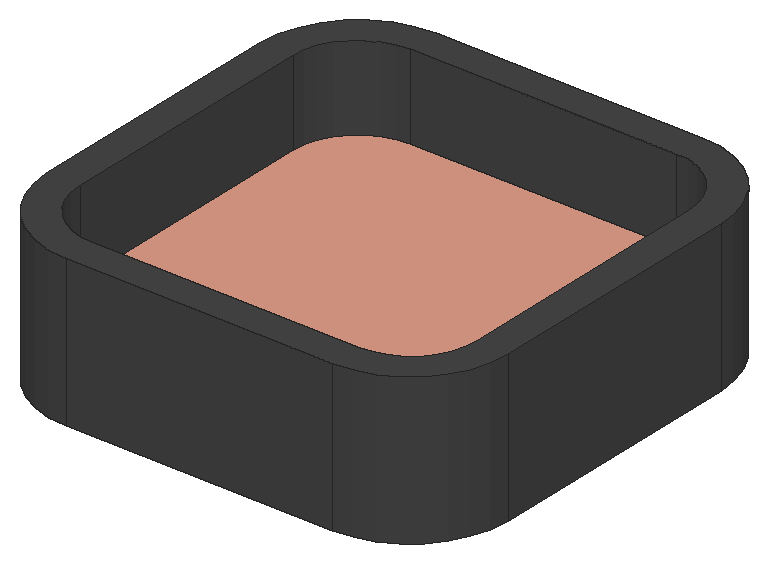
Revit family "VISS SQUARE LED LIGHT", category Lighting Fixtures, host Face, Revit 2020 (continued)
Types (65): name | Wattage Comments | Wattage | built-in parameter 1150134 | Surface Mount | Surface Acoustic Body | Photometric Web File | Order number | built-in parameter 1150142 | Model | built-in parameter 1150105 | Lumens | built-in parameter 1150107 | built-in parameter 1150106 | H1 | Fixture Width | Finish/Color | B2 | B1 | Apparent Load | Aircraft Cable Pendant Mount | Acoustic Body
  VSI-S-3624-40901-ACPMK-BK | "36 W" | 16.9649 W | 12 | no | no | "VSI-S-3624-40901.IES" | "17500" | "IESNA:LM-63-2002\r\n[TEST] \r\n[DATE] 2019-08-21\r\n[MANUFAC] Aboveall lighting\r\n[LUMCAT] \r\n[LUMINAIRE] VSI-S-3624-40901\r\n[LAMPCAT] \r\n[LAMP] SAMSUNG 2835 4000K\r\nTILT=NONE\r\n1 3104.55 1.0 91 13 1 2 0.6 0.6 0.088 \r\n1 1 35.03\r\n0. 1. 2. 3. 4. 5. 6. 7. 8. 9. 10. 11. 12. 13. 14. 15. 16. 17. 18. 19. 20. 21. 22. 23. 24. 25. 26. 27. 28. 29. 30. 31. 32. 33. 34. 35. 36. 37. 38. 39. 40. 41. 42. 43. 44. 45. 46. 47. 48. 49. 50. 51. 52. 53. 54. 55. 56. 57. 58. 59. 60. 61. 62. 63. 64. 65. 66. 67. 68. 69. 70. 71. 72. 73. 74. 75. 76. 77. 78. 79. 80. 81. 82. 83. 84. 85. 86. 87. 88. 89. 90. \r\n0. 30. 60. 90. 120. 150. 180. 210. 240. 270. 300. 330. 360. \r\n856.032 858.511 858.865 858.865 858.511 857.803 857.448 856.032 854.97 853.554 852.138 851.076 848.598 846.12 842.933 841.163 839.393 835.853 833.729 829.835 825.232 822.754 817.444 812.133 808.947 803.283 800.096 793.016 786.29 782.749 776.023 768.942 765.402 757.259 749.117 744.869 736.372 727.521 722.919 713.714 709.112 699.553 689.995 680.082 675.48 669.815 659.549 654.238 643.617 634.059 628.04 617.42 612.109 595.824 590.514 585.203 574.228 568.918 557.589 546.615 540.95 530.329 519.001 513.336 501.299 489.617 483.244 470.499 449.612 449.612 433.681 416.333 406.775 387.303 376.329 351.193 333.81 293.062 248.384 225.762 181.367 158.745 75.691 70.911 52.148 21.454 11.4 1.912 2.018 2.195 2.372 \r\n856.032 854.262 854.616 854.97 854.97 854.616 854.262 853.554 852.492 851.784 850.014 848.598 847.536 845.058 842.579 841.517 838.331 835.499 833.375 829.481 825.586 823.108 818.506 816.382 811.425 808.593 802.929 797.264 794.078 787.706 784.873 776.023 775.315 764.694 760.8 756.905 749.117 745.223 736.372 728.229 723.627 714.776 705.926 701.677 692.473 682.914 677.958 668.399 658.486 653.176 643.263 632.643 627.686 617.066 611.755 601.134 589.452 584.141 572.812 567.148 555.819 549.801 538.118 526.081 519.709 507.318 500.591 487.138 472.977 465.189 440.761 440.761 422.706 402.172 390.844 365.0 337.917 322.835 287.752 245.977 224.133 180.199 136.512 76.363 73.92 39.863 27.295 10.125 0.46 0.425 0.425 \r\n856.032 854.616 854.616 854.616 854.262 853.908 853.2 852.846 852.138 851.43 850.014 848.244 847.182 845.058 843.642 840.809 839.039 835.853 832.313 830.189 826.648 824.17 819.922 817.444 812.487 807.177 804.345 798.68 792.308 789.122 782.749 775.669 772.482 765.048 757.613 753.719 746.285 737.788 733.54 724.689 715.838 711.59 702.386 698.137 688.933 684.33 674.772 665.213 659.903 649.99 644.68 639.369 623.438 618.482 607.861 602.551 591.576 579.539 573.875 562.9 557.235 545.552 533.516 527.851 515.814 503.778 497.405 484.306 470.853 465.897 449.612 433.681 433.681 405.713 395.092 372.08 346.732 331.332 301.027 282.972 243.498 201.511 180.517 140.088 121.147 102.03 47.723 47.723 3.257 0.602 0.46 \r\n856.032 854.97 854.616 853.554 852.846 852.138 851.076 849.306 847.536 846.474 844.35 842.933 839.747 836.207 834.791 830.897 828.772 824.878 820.276 817.798 812.487 806.823 803.991 798.326 791.6 784.873 776.023 774.961 771.42 763.986 756.197 751.949 743.806 739.558 730.353 725.751 716.901 707.342 702.74 693.181 688.225 678.312 668.399 663.089 653.176 647.866 631.935 626.27 620.96 609.631 604.321 592.284 580.955 575.645 564.316 552.633 535.994 535.994 524.665 519.001 508.026 496.697 491.033 479.704 473.685 462.003 449.966 443.593 430.14 415.625 406.775 389.782 380.577 361.46 351.193 325.42 269.413 269.413 227.532 206.609 166.25 146.637 77.0 72.717 56.184 14.019 5.381 0.46 0.425 0.425 0.46 \r\n856.032 856.386 856.032 854.97 854.262 853.554 852.492 850.368 850.014 847.89 846.474 844.35 841.517 840.455 837.269 833.375 831.605 827.356 823.108 821.338 816.382 811.425 808.593 803.283 797.618 794.432 791.246 784.165 777.793 770.712 766.818 759.738 751.595 748.409 744.161 736.018 727.167 722.919 718.671 705.218 700.615 691.411 686.454 676.896 666.275 661.673 651.76 646.804 636.183 630.518 620.606 609.985 598.656 593.7 582.371 571.396 565.732 554.403 542.366 537.056 525.019 512.982 506.964 493.865 487.492 475.102 468.375 465.897 442.885 435.805 420.582 412.439 395.446 375.975 365.708 343.05 330.978 304.638 290.194 256.172 217.478 197.086 155.028 117.182 99.729 64.999 46.625 46.625 0.814 0.566 0.46 \r\n856.032 856.032 854.97 853.908 853.2 851.43 849.306 848.244 846.12 842.933 841.871 838.331 837.269 833.375 829.481 827.002 822.754 820.63 815.674 811.071 808.593 802.929 800.096 794.078 787.706 784.165 776.023 774.961 767.526 764.34 756.197 748.409 744.515 732.124 727.875 723.627 714.776 705.926 701.323 691.765 682.56 677.604 668.045 658.132 653.176 643.263 632.643 626.978 616.357 610.693 600.072 589.098 583.433 572.812 567.148 555.819 550.155 538.826 533.162 521.479 509.796 503.778 491.741 485.368 472.977 459.878 452.09 438.283 423.414 407.837 399.694 381.639 361.814 351.228 328.11 315.507 287.645 253.34 234.223 194.678 175.065 136.547 117.926 76.257 46.448 30.977 7.753 0.46 0.425 0.425 0.46 \r\n856.032 858.157 857.448 856.74 856.032 854.616 853.908 852.846 850.722 849.66 846.828 845.766 842.933 839.747 837.977 834.437 832.667 828.772 824.524 822.046 817.09 814.611 808.947 803.283 800.45 794.078 790.892 784.165 780.625 773.545 766.11 761.862 753.719 749.471 741.328 732.832 728.229 719.379 709.82 700.615 695.305 686.1 676.188 671.231 660.965 655.654 645.033 634.413 629.102 617.774 612.109 601.134 590.16 584.495 573.166 567.856 556.881 550.863 539.888 528.205 522.895 511.566 505.548 493.865 482.536 476.872 466.251 454.568 448.55 436.513 423.768 417.041 403.234 387.657 379.515 362.168 362.168 333.775 322.694 307.081 252.243 212.203 192.059 153.116 135.061 116.439 58.343 47.864 9.205 0.566 0.46 \r\n856.032 853.2 852.846 851.784 850.368 850.014 848.244 847.182 845.058 842.933 841.871 839.393 837.623 834.437 830.897 829.126 825.586 823.108 821.338 814.257 811.425 806.469 801.158 798.326 792.662 789.476 783.103 776.731 770.004 766.464 759.03 755.489 747.701 740.266 736.018 727.875 723.273 715.13 705.572 700.969 692.473 687.871 678.312 668.753 663.797 653.884 648.928 638.661 633.705 623.792 613.171 607.861 596.886 586.265 581.309 570.334 558.297 552.633 541.304 529.267 523.603 511.92 499.883 493.511 480.766 475.102 465.897 449.966 442.531 428.016 420.228 403.588 385.533 375.975 354.025 342.979 319.189 306.125 277.237 241.339 222.115 182.394 162.639 124.758 89.25 71.867 47.581 14.657 2.124 2.053 2.053 \r\n856.032 853.554 852.846 852.138 851.43 850.014 849.306 847.182 845.412 843.996 841.871 839.747 837.269 834.437 832.313 828.772 827.002 822.4 820.276 815.674 811.071 808.239 802.929 800.096 794.432 788.06 784.873 776.377 776.023 768.942 761.862 757.967 750.179 742.744 734.602 730.353 721.149 716.901 708.404 698.845 694.243 684.684 674.772 669.815 659.549 654.592 644.325 639.015 628.394 617.774 612.109 601.134 595.824 584.849 572.812 567.502 556.527 551.217 534.224 534.224 522.895 511.566 505.548 493.511 480.766 474.393 460.941 446.426 438.637 422.706 404.651 394.738 372.434 350.06 337.315 310.586 296.213 263.607 224.947 204.839 165.046 145.681 76.611 72.611 56.184 29.242 18.338 2.691 1.77 1.912 2.053 \r\n856.032 855.324 855.324 855.324 854.97 854.616 853.554 853.554 852.138 850.722 849.66 847.89 846.12 844.704 842.579 839.747 837.623 834.083 830.543 828.418 824.17 821.692 816.736 813.903 808.593 802.929 800.096 793.37 790.184 783.811 776.731 773.545 765.756 761.508 753.719 745.577 741.328 732.478 727.875 719.025 709.112 704.51 694.597 683.622 678.666 668.399 657.424 652.468 641.493 630.872 625.208 614.233 608.569 597.948 586.619 581.309 571.042 565.378 554.403 543.782 537.41 531.746 521.125 509.796 498.821 493.511 482.182 476.164 465.897 465.897 446.426 432.264 424.476 408.191 390.49 380.931 359.689 333.067 316.392 277.449 232.807 211.636 170.463 131.202 112.226 76.611 76.611 48.324 9.346 1.912 2.018 \r\n856.032 856.386 856.74 856.74 856.74 856.032 855.324 854.97 853.908 852.492 851.784 849.66 847.536 846.12 843.642 840.455 839.039 835.853 831.959 829.835 825.586 820.984 818.86 813.549 810.717 805.407 802.575 796.556 790.538 787.352 776.023 773.899 770.358 763.278 759.738 751.595 747.347 739.558 735.31 726.813 717.609 713.36 704.156 694.243 689.641 679.728 669.815 664.505 653.884 643.617 637.599 626.624 615.649 610.339 599.01 588.035 582.725 571.75 566.086 554.757 549.093 537.764 525.727 519.709 506.964 500.591 487.138 480.058 464.481 448.196 439.345 420.582 410.315 388.719 364.646 337.775 323.402 292.283 253.765 233.019 190.713 169.755 129.679 75.62 73.389 42.341 19.082 11.541 1.841 1.947 2.018 \r\n856.032 857.095 857.448 857.803 858.157 857.803 857.803 857.448 857.095 856.032 856.032 853.554 851.784 851.784 848.952 847.89 845.058 842.225 840.809 837.269 835.499 831.605 829.835 825.232 820.63 818.152 812.841 807.531 804.345 798.68 792.308 789.122 782.395 775.315 771.774 764.694 756.905 753.011 744.869 740.974 732.478 723.981 719.733 710.882 706.28 696.721 687.162 682.206 672.647 667.691 662.735 652.468 642.201 636.891 626.624 616.357 610.693 600.072 588.39 583.079 571.396 559.714 553.695 542.012 528.913 523.603 509.796 496.343 489.617 475.102 466.251 466.251 434.035 424.476 403.942 380.931 368.54 341.988 327.438 294.195 274.688 232.24 188.695 167.064 124.511 101.57 64.645 47.793 7.328 2.053 2.372 \r\n856.032 858.511 858.865 858.865 858.511 857.803 857.448 856.032 854.97 853.554 852.138 851.076 848.598 846.12 842.933 841.163 839.393 835.853 833.729 829.835 825.232 822.754 817.444 812.133 808.947 803.283 800.096 793.016 786.29 782.749 776.023 768.942 765.402 757.259 749.117 744.869 736.372 727.521 722.919 713.714 709.112 699.553 689.995 680.082 675.48 669.815 659.549 654.238 643.617 634.059 628.04 617.42 612.109 595.824 590.514 585.203 574.228 568.918 557.589 546.615 540.95 530.329 519.001 513.336 501.299 489.617 483.244 470.499 449.612 449.612 433.681 416.333 406.775 387.303 376.329 351.193 333.81 293.062 248.384 225.762 181.367 158.745 75.691 70.911 52.148 21.454 11.4 1.912 2.018 2.195 2.372 \r\n" | "VSI-S-3624-40901-ACPMK-BK" | 200.54 (stored number, unit not read) | 2520 lm | 4000 (stored number, unit not read) | 2.0054 (stored number, unit not read) | 4' - 11.51346" | 1' - 11 77/128" | Black | 0' - 7 205/256" | 0' - 11 77/256" | 31.25 VA | yes | no
  VSI-S-5032-40901-ACPMK-BK | "50 W" | 23.5624 W | 12 | no | no | "VSI-S-5032-40901.IES" | "17501" | "IESNA:LM-63-2002\r\n[TEST] \r\n[DATE] 2019-08-21\r\n[MANUFAC] Aboveall lighting\r\n[LUMCAT] \r\n[LUMINAIRE] VSI-S-5032-40901\r\n[LAMPCAT] \r\n[LAMP] SAMSUNG 2835 4000K\r\nTILT=NONE\r\n1 4307.5 1.35 91 13 1 2 0.8 0.8 0.088 \r\n1 1 52.5\r\n0. 1. 2. 3. 4. 5. 6. 7. 8. 9. 10. 11. 12. 13. 14. 15. 16. 17. 18. 19. 20. 21. 22. 23. 24. 25. 26. 27. 28. 29. 30. 31. 32. 33. 34. 35. 36. 37. 38. 39. 40. 41. 42. 43. 44. 45. 46. 47. 48. 49. 50. 51. 52. 53. 54. 55. 56. 57. 58. 59. 60. 61. 62. 63. 64. 65. 66. 67. 68. 69. 70. 71. 72. 73. 74. 75. 76. 77. 78. 79. 80. 81. 82. 83. 84. 85. 86. 87. 88. 89. 90. \r\n0. 30. 60. 90. 120. 150. 180. 210. 240. 270. 300. 330. 360. \r\n856.032 858.511 858.865 858.865 858.511 857.803 857.448 856.032 854.97 853.554 852.138 851.076 848.598 846.12 842.933 841.163 839.393 835.853 833.729 829.835 825.232 822.754 817.444 812.133 808.947 803.283 800.096 793.016 786.29 782.749 776.023 768.942 765.402 757.259 749.117 744.869 736.372 727.521 722.919 713.714 709.112 699.553 689.995 680.082 675.48 669.815 659.549 654.238 643.617 634.059 628.04 617.42 612.109 595.824 590.514 585.203 574.228 568.918 557.589 546.615 540.95 530.329 519.001 513.336 501.299 489.617 483.244 470.499 449.612 449.612 433.681 416.333 406.775 387.303 376.329 351.193 333.81 293.062 248.384 225.762 181.367 158.745 75.691 70.911 52.148 21.454 11.4 1.912 2.018 2.195 2.372 \r\n856.032 854.262 854.616 854.97 854.97 854.616 854.262 853.554 852.492 851.784 850.014 848.598 847.536 845.058 842.579 841.517 838.331 835.499 833.375 829.481 825.586 823.108 818.506 816.382 811.425 808.593 802.929 797.264 794.078 787.706 784.873 776.023 775.315 764.694 760.8 756.905 749.117 745.223 736.372 728.229 723.627 714.776 705.926 701.677 692.473 682.914 677.958 668.399 658.486 653.176 643.263 632.643 627.686 617.066 611.755 601.134 589.452 584.141 572.812 567.148 555.819 549.801 538.118 526.081 519.709 507.318 500.591 487.138 472.977 465.189 440.761 440.761 422.706 402.172 390.844 365.0 337.917 322.835 287.752 245.977 224.133 180.199 136.512 76.363 73.92 39.863 27.295 10.125 0.46 0.425 0.425 \r\n856.032 854.616 854.616 854.616 854.262 853.908 853.2 852.846 852.138 851.43 850.014 848.244 847.182 845.058 843.642 840.809 839.039 835.853 832.313 830.189 826.648 824.17 819.922 817.444 812.487 807.177 804.345 798.68 792.308 789.122 782.749 775.669 772.482 765.048 757.613 753.719 746.285 737.788 733.54 724.689 715.838 711.59 702.386 698.137 688.933 684.33 674.772 665.213 659.903 649.99 644.68 639.369 623.438 618.482 607.861 602.551 591.576 579.539 573.875 562.9 557.235 545.552 533.516 527.851 515.814 503.778 497.405 484.306 470.853 465.897 449.612 433.681 433.681 405.713 395.092 372.08 346.732 331.332 301.027 282.972 243.498 201.511 180.517 140.088 121.147 102.03 47.723 47.723 3.257 0.602 0.46 \r\n856.032 854.97 854.616 853.554 852.846 852.138 851.076 849.306 847.536 846.474 844.35 842.933 839.747 836.207 834.791 830.897 828.772 824.878 820.276 817.798 812.487 806.823 803.991 798.326 791.6 784.873 776.023 774.961 771.42 763.986 756.197 751.949 743.806 739.558 730.353 725.751 716.901 707.342 702.74 693.181 688.225 678.312 668.399 663.089 653.176 647.866 631.935 626.27 620.96 609.631 604.321 592.284 580.955 575.645 564.316 552.633 535.994 535.994 524.665 519.001 508.026 496.697 491.033 479.704 473.685 462.003 449.966 443.593 430.14 415.625 406.775 389.782 380.577 361.46 351.193 325.42 269.413 269.413 227.532 206.609 166.25 146.637 77.0 72.717 56.184 14.019 5.381 0.46 0.425 0.425 0.46 \r\n856.032 856.386 856.032 854.97 854.262 853.554 852.492 850.368 850.014 847.89 846.474 844.35 841.517 840.455 837.269 833.375 831.605 827.356 823.108 821.338 816.382 811.425 808.593 803.283 797.618 794.432 791.246 784.165 777.793 770.712 766.818 759.738 751.595 748.409 744.161 736.018 727.167 722.919 718.671 705.218 700.615 691.411 686.454 676.896 666.275 661.673 651.76 646.804 636.183 630.518 620.606 609.985 598.656 593.7 582.371 571.396 565.732 554.403 542.366 537.056 525.019 512.982 506.964 493.865 487.492 475.102 468.375 465.897 442.885 435.805 420.582 412.439 395.446 375.975 365.708 343.05 330.978 304.638 290.194 256.172 217.478 197.086 155.028 117.182 99.729 64.999 46.625 46.625 0.814 0.566 0.46 \r\n856.032 856.032 854.97 853.908 853.2 851.43 849.306 848.244 846.12 842.933 841.871 838.331 837.269 833.375 829.481 827.002 822.754 820.63 815.674 811.071 808.593 802.929 800.096 794.078 787.706 784.165 776.023 774.961 767.526 764.34 756.197 748.409 744.515 732.124 727.875 723.627 714.776 705.926 701.323 691.765 682.56 677.604 668.045 658.132 653.176 643.263 632.643 626.978 616.357 610.693 600.072 589.098 583.433 572.812 567.148 555.819 550.155 538.826 533.162 521.479 509.796 503.778 491.741 485.368 472.977 459.878 452.09 438.283 423.414 407.837 399.694 381.639 361.814 351.228 328.11 315.507 287.645 253.34 234.223 194.678 175.065 136.547 117.926 76.257 46.448 30.977 7.753 0.46 0.425 0.425 0.46 \r\n856.032 858.157 857.448 856.74 856.032 854.616 853.908 852.846 850.722 849.66 846.828 845.766 842.933 839.747 837.977 834.437 832.667 828.772 824.524 822.046 817.09 814.611 808.947 803.283 800.45 794.078 790.892 784.165 780.625 773.545 766.11 761.862 753.719 749.471 741.328 732.832 728.229 719.379 709.82 700.615 695.305 686.1 676.188 671.231 660.965 655.654 645.033 634.413 629.102 617.774 612.109 601.134 590.16 584.495 573.166 567.856 556.881 550.863 539.888 528.205 522.895 511.566 505.548 493.865 482.536 476.872 466.251 454.568 448.55 436.513 423.768 417.041 403.234 387.657 379.515 362.168 362.168 333.775 322.694 307.081 252.243 212.203 192.059 153.116 135.061 116.439 58.343 47.864 9.205 0.566 0.46 \r\n856.032 853.2 852.846 851.784 850.368 850.014 848.244 847.182 845.058 842.933 841.871 839.393 837.623 834.437 830.897 829.126 825.586 823.108 821.338 814.257 811.425 806.469 801.158 798.326 792.662 789.476 783.103 776.731 770.004 766.464 759.03 755.489 747.701 740.266 736.018 727.875 723.273 715.13 705.572 700.969 692.473 687.871 678.312 668.753 663.797 653.884 648.928 638.661 633.705 623.792 613.171 607.861 596.886 586.265 581.309 570.334 558.297 552.633 541.304 529.267 523.603 511.92 499.883 493.511 480.766 475.102 465.897 449.966 442.531 428.016 420.228 403.588 385.533 375.975 354.025 342.979 319.189 306.125 277.237 241.339 222.115 182.394 162.639 124.758 89.25 71.867 47.581 14.657 2.124 2.053 2.053 \r\n856.032 853.554 852.846 852.138 851.43 850.014 849.306 847.182 845.412 843.996 841.871 839.747 837.269 834.437 832.313 828.772 827.002 822.4 820.276 815.674 811.071 808.239 802.929 800.096 794.432 788.06 784.873 776.377 776.023 768.942 761.862 757.967 750.179 742.744 734.602 730.353 721.149 716.901 708.404 698.845 694.243 684.684 674.772 669.815 659.549 654.592 644.325 639.015 628.394 617.774 612.109 601.134 595.824 584.849 572.812 567.502 556.527 551.217 534.224 534.224 522.895 511.566 505.548 493.511 480.766 474.393 460.941 446.426 438.637 422.706 404.651 394.738 372.434 350.06 337.315 310.586 296.213 263.607 224.947 204.839 165.046 145.681 76.611 72.611 56.184 29.242 18.338 2.691 1.77 1.912 2.053 \r\n856.032 855.324 855.324 855.324 854.97 854.616 853.554 853.554 852.138 850.722 849.66 847.89 846.12 844.704 842.579 839.747 837.623 834.083 830.543 828.418 824.17 821.692 816.736 813.903 808.593 802.929 800.096 793.37 790.184 783.811 776.731 773.545 765.756 761.508 753.719 745.577 741.328 732.478 727.875 719.025 709.112 704.51 694.597 683.622 678.666 668.399 657.424 652.468 641.493 630.872 625.208 614.233 608.569 597.948 586.619 581.309 571.042 565.378 554.403 543.782 537.41 531.746 521.125 509.796 498.821 493.511 482.182 476.164 465.897 465.897 446.426 432.264 424.476 408.191 390.49 380.931 359.689 333.067 316.392 277.449 232.807 211.636 170.463 131.202 112.226 76.611 76.611 48.324 9.346 1.912 2.018 \r\n856.032 856.386 856.74 856.74 856.74 856.032 855.324 854.97 853.908 852.492 851.784 849.66 847.536 846.12 843.642 840.455 839.039 835.853 831.959 829.835 825.586 820.984 818.86 813.549 810.717 805.407 802.575 796.556 790.538 787.352 776.023 773.899 770.358 763.278 759.738 751.595 747.347 739.558 735.31 726.813 717.609 713.36 704.156 694.243 689.641 679.728 669.815 664.505 653.884 643.617 637.599 626.624 615.649 610.339 599.01 588.035 582.725 571.75 566.086 554.757 549.093 537.764 525.727 519.709 506.964 500.591 487.138 480.058 464.481 448.196 439.345 420.582 410.315 388.719 364.646 337.775 323.402 292.283 253.765 233.019 190.713 169.755 129.679 75.62 73.389 42.341 19.082 11.541 1.841 1.947 2.018 \r\n856.032 857.095 857.448 857.803 858.157 857.803 857.803 857.448 857.095 856.032 856.032 853.554 851.784 851.784 848.952 847.89 845.058 842.225 840.809 837.269 835.499 831.605 829.835 825.232 820.63 818.152 812.841 807.531 804.345 798.68 792.308 789.122 782.395 775.315 771.774 764.694 756.905 753.011 744.869 740.974 732.478 723.981 719.733 710.882 706.28 696.721 687.162 682.206 672.647 667.691 662.735 652.468 642.201 636.891 626.624 616.357 610.693 600.072 588.39 583.079 571.396 559.714 553.695 542.012 528.913 523.603 509.796 496.343 489.617 475.102 466.251 466.251 434.035 424.476 403.942 380.931 368.54 341.988 327.438 294.195 274.688 232.24 188.695 167.064 124.511 101.57 64.645 47.793 7.328 2.053 2.372 \r\n856.032 858.511 858.865 858.865 858.511 857.803 857.448 856.032 854.97 853.554 852.138 851.076 848.598 846.12 842.933 841.163 839.393 835.853 833.729 829.835 825.232 822.754 817.444 812.133 808.947 803.283 800.096 793.016 786.29 782.749 776.023 768.942 765.402 757.259 749.117 744.869 736.372 727.521 722.919 713.714 709.112 699.553 689.995 680.082 675.48 669.815 659.549 654.238 643.617 634.059 628.04 617.42 612.109 595.824 590.514 585.203 574.228 568.918 557.589 546.615 540.95 530.329 519.001 513.336 501.299 489.617 483.244 470.499 449.612 449.612 433.681 416.333 406.775 387.303 376.329 351.193 333.81 293.062 248.384 225.762 181.367 158.745 75.691 70.911 52.148 21.454 11.4 1.912 2.018 2.195 2.372 \r\n" | "VSI-S-5032-40901-ACPMK-BK" | 278.52 (stored number, unit not read) | 3500 lm | 4000 (stored number, unit not read) | 2.7852 (stored number, unit not read) | 5' - 0.15864" | 2' - 7 1/2" | Black | 0' - 11 3/4" | 1' - 3 1/4" | 62.5 VA | yes | no
  VSI-S-LA-1514-30901-ACPMK-WH-NSAC-021 130 | "15 W" | 7.06871 W | (empty or 0) | no | no | "generic" | "17502" | (empty or 0) | "VSI-S-LA-1514-30901-ACPMK-WH-NSAC-021 130" | 83.556 (stored number, unit not read) | 1050 lm | 3000 (stored number, unit not read) | 0.83556 (stored number, unit not read) | 4' - 11.08136" | 1' - 2 51/256" | White | 0' - 3.09961" | 0' - 6.59961" | 18.75 VA | yes | yes
  VSI-S-LA-2518-30901-ACPMK-WH-NSAC-021 130 | "25 W" | 11.7812 W | (empty or 0) | no | no | "generic" | "17503" | (empty or 0) | "VSI-S-LA-2518-30901-ACPMK-WH-NSAC-021 130" | 139.26 (stored number, unit not read) | 1750 lm | 3000 (stored number, unit not read) | 1.3926 (stored number, unit not read) | 4' - 11.19898" | 1' - 5 179/256" | White | 0' - 4.84961" | 0' - 8.34961" | 31.25 VA | yes | yes
  VSI-S-LA-3624-30901-ACPMK-WH-NSAC-021 130 | "36 W" | 16.9649 W | (empty or 0) | no | no | "generic" | "17504" | (empty or 0) | "VSI-S-LA-3624-30901-ACPMK-WH-NSAC-021 130" | 200.54 (stored number, unit not read) | 2520 lm | 3000 (stored number, unit not read) | 2.0054 (stored number, unit not read) | 4' - 11.51346" | 1' - 11 77/128" | White | 0' - 7 205/256" | 0' - 11 77/256" | 31.25 VA | yes | yes
  VSI-S-LA-5032-30901-ACPMK-WH-NSAC-021 130 | "50 W" | 23.5624 W | (empty or 0) | no | no | "generic" | "17505" | (empty or 0) | "VSI-S-LA-5032-30901-ACPMK-WH-NSAC-021 130" | 278.52 (stored number, unit not read) | 3500 lm | 3000 (stored number, unit not read) | 2.7852 (stored number, unit not read) | 5' - 0.15864" | 2' - 7 1/2" | White | 0' - 11 3/4" | 1' - 3 1/4" | 62.5 VA | yes | yes
  VSI-S-LA-1514-30901-ACPMK-BK-NSAC-021 130 | "15 W" | 7.06871 W | (empty or 0) | no | no | "generic" | "17506" | (empty or 0) | "VSI-S-LA-1514-30901-ACPMK-BK-NSAC-021 130" | 83.556 (stored number, unit not read) | 1050 lm | 3000 (stored number, unit not read) | 0.83556 (stored number, unit not read) | 4' - 11.08136" | 1' - 2 51/256" | Black | 0' - 3.09961" | 0' - 6.59961" | 18.75 VA | yes | yes
  VSI-S-LA-2518-30901-ACPMK-BK-NSAC-021 130 | "25 W" | 11.7812 W | (empty or 0) | no | no | "generic" | "17507" | (empty or 0) | "VSI-S-LA-2518-30901-ACPMK-BK-NSAC-021 130" | 139.26 (stored number, unit not read) | 1750 lm | 3000 (stored number, unit not read) | 1.3926 (stored number, unit not read) | 4' - 11.19898" | 1' - 5 179/256" | Black | 0' - 4.84961" | 0' - 8.34961" | 31.25 VA | yes | yes
  VSI-S-LA-3624-30901-ACPMK-BK-NSAC-021 130 | "36 W" | 16.9649 W | (empty or 0) | no | no | "generic" | "17508" | (empty or 0) | "VSI-S-LA-3624-30901-ACPMK-BK-NSAC-021 130" | 200.54 (stored number, unit not read) | 2520 lm | 3000 (stored number, unit not read) | 2.0054 (stored number, unit not read) | 4' - 11.51346" | 1' - 11 77/128" | Black | 0' - 7 205/256" | 0' - 11 77/256" | 31.25 VA | yes | yes
  VSI-S-LA-5032-30901-ACPMK-BK-NSAC-021 130 | "50 W" | 23.5624 W | (empty or 0) | no | no | "generic" | "17509" | (empty or 0) | "VSI-S-LA-5032-30901-ACPMK-BK-NSAC-021 130" | 278.52 (stored number, unit not read) | 3500 lm | 3000 (stored number, unit not read) | 2.7852 (stored number, unit not read) | 5' - 0.15864" | 2' - 7 1/2" | Black | 0' - 11 3/4" | 1' - 3 1/4" | 62.5 VA | yes | yes
  VSI-S-LA-1514-40901-ACPMK-WH-NSAC-021 130 | "15 W" | 7.06871 W | 12 | no | no | "generic" | "17510" | (empty or 0) | "VSI-S-LA-1514-40901-ACPMK-WH-NSAC-021 130" | 83.556 (stored number, unit not read) | 1050 lm | 4000 (stored number, unit not read) | 0.83556 (stored number, unit not read) | 4' - 11.08136" | 1' - 2 51/256" | White | 0' - 3.09961" | 0' - 6.59961" | 18.75 VA | yes | yes
